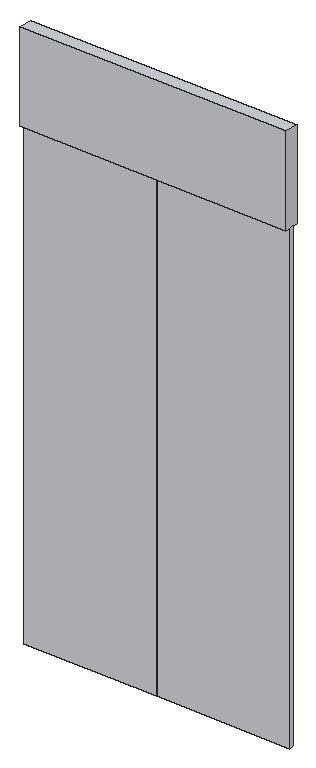
Revit family "Placard Portes Pivotantes", category Modèles génériques, Revit 2018
Family settings
  Peut héberger une armature = Non
  Cote de connecteur circulaire = Utiliser le diamètre
  Type d'élément = Normal
  Couper avec des vides une fois chargée = Non
  Partagée = Non
  Point de calcul de pièce = Non
Parameters
  Profonduer placard [instance] = 500 mm
  Profondeur [instance] = 388.518 mm
  Longueur placard [instance] = 1200 mm
  built-in parameter 1001306 [instance] = 1200 mm
  Hauteur imposte [instance] = 1548.576 mm
  Hauteur Portes [instance] = 2100 mm
Reference planes
  plane 1 "Centre (avant/arrière)": y = 0
  plane 2: z = 0
  plane 3 "Gauche": x = 0
  plane 4 "Droite": x = 1200
  plane 5: y = 500
  plane 6: x = 600
  plane 7: z = 2500
  plane 8: z = 2100
  plane 9: y = 40
  plane 10: y = 60
  plane 11: y = 20
Forms (mm)
  Extrusion 1, solid
    sketch origin (0, 0, 0) x (1, 0, 0) y (0, 0, 1)
      loop
        line (0, 2100) -> (0, 0) -> (600, 0) -> (600, 2100) -> (0, 2100)
    from -20 to -40
  Extrusion 2, solid
    sketch origin (0, 0, 0) x (1, 0, 0) y (0, 0, 1)
      loop
        line (1200, 2100) -> (600, 2100) -> (600, 0) -> (1200, 0) -> (1200, 2100)
    from -20 to -40
  Extrusion 3, solid
    sketch origin (0, 0, 0) x (1, 0, 0) y (0, 0, 1)
      loop
        line (1200, 2500) -> (0, 2500) -> (0, 2100) -> (1200, 2100) -> (1200, 2500)
    from 0 to -60
Lines and regions (mm)
  reference lines
    curve 1: line (0, 0, 0) -> (1200, 0, 0)
  model lines
    curve 2: line (0, 500, 0) -> (1200, 500, 0)
    curve 3: line (0, 0, 0) -> (0, 500, 0)
    curve 4: line (1200, 0, 0) -> (0, 0, 0)
    curve 5: line (1200, 500, 0) -> (1200, 0, 0)
    curve 6: line (0, 0, 0) -> (1200, 500, 0)
    curve 7: line (1200, 0, 0) -> (0, 500, 0)
Dimensions and locks
  "built-in parameter 1001306": plane 3 "Gauche" to plane 4 "Droite"
  plane 7 to plane 8 = 400 mm
  "Hauteur Portes": plane 8 to level
  equal spacing: plane 4 "Droite", plane 6, plane 3 "Gauche"
  "Longueur placard": plane 4 "Droite" to plane 3 "Gauche"
  locked: plane 1 "Centre (avant/arrière)" to plane 10 at 60
  locked: plane 9 to plane 10 at 20
  locked: plane 1 "Centre (avant/arrière)" to plane 11 at 20
  plane 7 to Extrusion 3 = 400 mm
  "Profonduer placard": plane 1 "Centre (avant/arrière)" to plane 5
  aligned and locked: plane 4 "Droite" to curve 1
  aligned and locked: plane 1 "Centre (avant/arrière)" to curve 1
  aligned and locked: plane 3 "Gauche" to curve 1
  aligned and locked: level to plane 2
  aligned and locked: curve 2 to plane 5
  aligned and locked: curve 5 to plane 4 "Droite"
  aligned and locked: plane 3 "Gauche" to curve 3
  aligned and locked: curve 4 to plane 1 "Centre (avant/arrière)"
  aligned and locked: plane 4 "Droite" to curve 7
  aligned and locked: Extrusion 1 sketch curve to plane 8
  aligned and locked: plane 3 "Gauche" to Extrusion 1 sketch curve
  aligned and locked: Extrusion 1 sketch curve to curve 1
  aligned and locked: Extrusion 1 sketch curve to plane 6
  aligned and locked: plane 8 to Extrusion 2 sketch curve
  aligned and locked: plane 4 "Droite" to Extrusion 2 sketch curve
  aligned and locked: Extrusion 2 sketch curve to plane 6
  aligned and locked: Extrusion 2 sketch curve to plane 2
  aligned and locked: Extrusion 3 sketch curve to plane 8
  aligned and locked: Extrusion 3 sketch curve to plane 3 "Gauche"
  aligned and locked: plane 7 to Extrusion 3 sketch curve
  aligned and locked: plane 4 "Droite" to Extrusion 3 sketch curve
  aligned and locked: plane 10 to Extrusion 3
  aligned and locked: plane 11 to Extrusion 2
  aligned and locked: plane 11 to Extrusion 1
  aligned and locked: plane 9 to Extrusion 1
  aligned and locked: plane 9 to Extrusion 2
  aligned and locked: Extrusion 3 to plane 1 "Centre (avant/arrière)"
